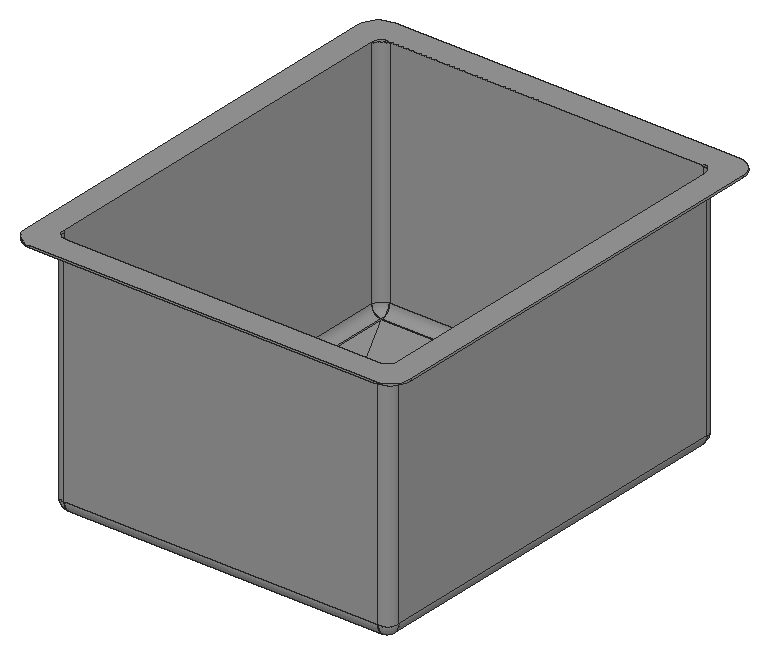
Revit family "BUILDMAT-SNGD020-Maya-380-Brass-Gold", category Plumbing Fixtures, host Face, Revit 2020
Family settings
  Host = Face
  Round Connector Dimension = Use Diameter
  Part Type = Normal
  Cut with Voids When Loaded = No
  Shared = No
  Room Calculation Point = No
Parameters (values of type "Maya 380x450x250mm")
  Width = 330.0 mm
  Undermount [instance] = 0.0 mm
  URL = "https://www.buildmat.com.au/products/maya-380x450-single-bowl-sink"
  Side Sound Pad = no
  Side Brackets = yes
  Model = "SNA00020"  # constant formula
  Middle Sound Pad = yes
  Middle Bracket = no
  Manufacturer URL = "https://www.buildmat.com.au/"
  Manufacturer = "BUILDMAT"  # constant formula
  Length = 400.0 mm
  Description = "BUILDMAT - Maya 380x450 Single Bowl Sink"  # constant formula
  Depth = 250.0 mm
  Default Elevation = 1219.2 mm
  Created By URL = "https://www.buildmat.com.au/"
  Created By = "BUILDMAT"  # constant formula
  Created = "22.06.2022"  # constant formula
  Material = BUILDMAT Brass Gold
Reference planes
  plane 1 "Center (Front/Back)": y = 0
  plane 2: z = 0
  plane 3 "Center (Left/Right)": x = 0
  plane 4 "Top Substrate": z = 0
  plane 5 "Left": x = -165
  plane 6 "Right": x = 165
  plane 7 "Back": y = 200
  plane 8 "Front": y = -200
  plane 9: x = -190
  plane 10: x = 190
  plane 11: y = -225
  plane 12: y = 225
  plane 13 "Bottom Void": z = -250
  plane 14: z = 1.5
  plane 15: x = -166.5
  plane 16: y = -201.5
  plane 17: x = 166.5
  plane 18: y = 201.5
  plane 19: z = -240
  plane 20: z = -230
  plane 21: x = -155
  plane 22: x = 155
  plane 23: y = -190
  plane 24: y = 190
  plane 25: z = -245
  plane 26: z = -241.5
  plane 27: z = -246.5
  plane 28: x = -100
  plane 29: x = 100
  plane 30 "Sound Pad": z = -130
  plane 31 "Front Bracket": y = -100
  plane 32 "Back Bracket": y = 100
  plane 33: x = -65
  plane 34: x = 65
  plane 35: x = -57
  plane 36: x = 57
  plane 37: x = -45
  plane 38: x = 45
Forms (mm)
  Extrusion 1, void
    sketch origin (0, 0, 0) x (1, 0, 0) y (0, 1, 0)
      loop
        arc (-155, 200) -> (-162.071, 197.071) -> (-165, 190) r 10
        line (-165, 190) -> (-165, -190)
        arc (-165, -190) -> (-162.071, -197.071) -> (-155, -200) r 10
        line (-155, -200) -> (155, -200)
        arc (155, -200) -> (162.071, -197.071) -> (165, -190) r 10
        line (165, -190) -> (165, 190)
        arc (165, 190) -> (162.071, 197.071) -> (155, 200) r 10
        line (155, 200) -> (-155, 200)
    from 0 to 1.5
  Extrusion 2, void
    sketch origin (0, 0, 0) x (1, 0, 0) y (0, 1, 0)
      loop
        line (-166.5, 201.5) -> (-166.5, -201.5) -> (166.5, -201.5) -> (166.5, 201.5) -> (-166.5, 201.5)
    from 0 to -250
  Extrusion 3, void
    sketch origin (0, 0, 0) x (1, 0, 0) y (0, 1, 0)
      loop
        arc (-170, 225) -> (-184.142, 219.142) -> (-190, 205) r 20
        line (-190, 205) -> (-190, -205)
        arc (-190, -205) -> (-184.142, -219.142) -> (-170, -225) r 20
        line (-170, -225) -> (170, -225)
        arc (170, -225) -> (184.142, -219.142) -> (190, -205) r 20
        line (190, -205) -> (190, 205)
        arc (190, 205) -> (184.142, 219.142) -> (170, 225) r 20
        line (170, 225) -> (-170, 225)
    from 1.5 to 0
  Extrusion 4, solid, material "BUILDMAT Brass Gold" <- "Material"
    sketch origin (0, 0, 0) x (-1, 0, 0) y (0, -1, 0)
      loop
        arc (170, -225) -> (184.142, -219.142) -> (190, -205) r 20
        line (190, -205) -> (190, 205)
        arc (190, 205) -> (184.142, 219.142) -> (170, 225) r 20
        line (170, 225) -> (-170, 225)
        arc (-170, 225) -> (-184.142, 219.142) -> (-190, 205) r 20
        line (-190, 205) -> (-190, -205)
        arc (-190, -205) -> (-184.142, -219.142) -> (-170, -225) r 20
        line (-170, -225) -> (170, -225)
      loop
        arc (155, -200) -> (162.071, -197.071) -> (165, -190) r 10
        line (165, -190) -> (165, 190)
        arc (165, 190) -> (162.071, 197.071) -> (155, 200) r 10
        line (155, 200) -> (-155, 200)
        arc (-155, 200) -> (-162.071, 197.071) -> (-165, 190) r 10
        line (-165, 190) -> (-165, -190)
        arc (-165, -190) -> (-162.071, -197.071) -> (-155, -200) r 10
        line (-155, -200) -> (155, -200)
    from 0 to 1.5
  Extrusion 5, solid, material "BUILDMAT Brass Gold" <- "Material"
    sketch origin (0, 0, 0) x (-1, 0, 0) y (0, -1, 0)
      loop
        arc (155, -201.5) -> (163.132, -198.132) -> (166.5, -190) r 11.5
        line (166.5, -190) -> (166.5, 190)
        arc (166.5, 190) -> (163.132, 198.132) -> (155, 201.5) r 11.5
        line (155, 201.5) -> (-155, 201.5)
        arc (-155, 201.5) -> (-163.132, 198.132) -> (-166.5, 190) r 11.5
        line (-166.5, 190) -> (-166.5, -190)
        arc (-166.5, -190) -> (-163.132, -198.132) -> (-155, -201.5) r 11.5
        line (-155, -201.5) -> (155, -201.5)
      loop
        arc (-155, 200) -> (-162.071, 197.071) -> (-165, 190) r 10
        line (-165, 190) -> (-165, -190)
        arc (-165, -190) -> (-162.071, -197.071) -> (-155, -200) r 10
        line (-155, -200) -> (155, -200)
        arc (155, -200) -> (162.071, -197.071) -> (165, -190) r 10
        line (165, -190) -> (165, 190)
        arc (165, 190) -> (162.071, 197.071) -> (155, 200) r 10
        line (155, 200) -> (-155, 200)
    from 0 to -230
  Revolve 6, solid, material "BUILDMAT Brass Gold" <- "Material"
    sketch origin (-175.162, 190, 1219.2) x (-1, 0, 0) y (0, 0, 1)
      loop
        line (-340.162, -1449.2) -> (-341.662, -1449.2)
        arc (-341.662, -1449.2) -> (-338.293, -1457.332) -> (-330.162, -1460.7) r 11.5
        line (-330.162, -1460.7) -> (-330.162, -1459.2)
        arc (-330.162, -1459.2) -> (-337.233, -1456.271) -> (-340.162, -1449.2) r 10
      axis (-330.162, -1460.7) -> (-330.162, -1449.2)
    angle from 0 to -90
  Revolve 7, solid, material "BUILDMAT Brass Gold" <- "Material"
    sketch origin (-175.162, 190, 1219.2) x (-1, 0, 0) y (0, 0, 1)
      loop
        arc (-10.162, -1449.2) -> (-13.091, -1456.271) -> (-20.162, -1459.2) r 10
        line (-20.162, -1459.2) -> (-20.162, -1460.7)
        arc (-20.162, -1460.7) -> (-12.03, -1457.332) -> (-8.662, -1449.2) r 11.5
        line (-8.662, -1449.2) -> (-10.162, -1449.2)
      axis (-20.162, -1449.2) -> (-20.162, -1460.7)
    angle from 0 to -90
  Revolve 8, solid, material "BUILDMAT Brass Gold" <- "Material"
    sketch origin (-175.162, -190, 1219.2) x (-1, 0, 0) y (0, 0, 1)
      loop
        arc (-10.162, -1449.2) -> (-13.091, -1456.271) -> (-20.162, -1459.2) r 10
        line (-20.162, -1459.2) -> (-20.162, -1460.7)
        arc (-20.162, -1460.7) -> (-12.03, -1457.332) -> (-8.662, -1449.2) r 11.5
        line (-8.662, -1449.2) -> (-10.162, -1449.2)
      axis (-20.162, -1449.2) -> (-20.162, -1460.7)
    angle from 0 to 90
  Revolve 9, solid, material "BUILDMAT Brass Gold" <- "Material"
    sketch origin (-175.162, -190, 1219.2) x (-1, 0, 0) y (0, 0, 1)
      loop
        line (-340.162, -1449.2) -> (-341.662, -1449.2)
        arc (-341.662, -1449.2) -> (-338.293, -1457.332) -> (-330.162, -1460.7) r 11.5
        line (-330.162, -1460.7) -> (-330.162, -1459.2)
        arc (-330.162, -1459.2) -> (-337.233, -1456.271) -> (-340.162, -1449.2) r 10
      axis (-330.162, -1449.2) -> (-330.162, -1460.7)
    angle from 0 to 90
  Extrusion 10, solid, material "BUILDMAT Brass Gold" <- "Material"
    sketch origin (0, 0, 0) x (1, 0, 0) y (0, 0, 1)
      loop
        line (-165, -230) -> (-166.5, -230)
        arc (-166.5, -230) -> (-163.132, -238.132) -> (-155, -241.5) r 11.5
        line (-155, -241.5) -> (-155, -240)
        arc (-155, -240) -> (-162.071, -237.071) -> (-165, -230) r 10
    from -190 to 190
  Extrusion 11, solid, material "BUILDMAT Brass Gold" <- "Material"
    sketch origin (0, 0, 0) x (1, 0, 0) y (0, 0, 1)
      loop
        arc (165, -230) -> (162.071, -237.071) -> (155, -240) r 10
        line (155, -240) -> (155, -241.5)
        arc (155, -241.5) -> (163.132, -238.132) -> (166.5, -230) r 11.5
        line (166.5, -230) -> (165, -230)
    from -190 to 190
  Extrusion 12, solid, material "BUILDMAT Brass Gold" <- "Material"
    sketch origin (0, 0, 0) x (0, 1, 0) y (0, 0, 1)
      loop
        arc (200, -230) -> (197.071, -237.071) -> (190, -240) r 10
        line (190, -240) -> (190, -241.5)
        arc (190, -241.5) -> (198.132, -238.132) -> (201.5, -230) r 11.5
        line (201.5, -230) -> (200, -230)
    from -155 to 155
  Extrusion 13, solid, material "BUILDMAT Brass Gold" <- "Material"
    sketch origin (0, 0, 0) x (0, 1, 0) y (0, 0, 1)
      loop
        line (-200, -230) -> (-201.5, -230)
        arc (-201.5, -230) -> (-198.132, -238.132) -> (-190, -241.5) r 11.5
        line (-190, -241.5) -> (-190, -240)
        arc (-190, -240) -> (-197.071, -237.071) -> (-200, -230) r 10
    from -155 to 155
  Revolve 14, solid, material "BUILDMAT Brass Gold" <- "Material"
    sketch origin (0, 0, 0) x (1, 0, 0) y (0, 0, 1)
      loop
        line (-45, -250) -> (-45, -248.5)
        spline (-45, -248.5) -> (-46.484, -248.459) -> (-47.939, -248.339) -> (-49.337, -248.141) -> (-50.649, -247.871) -> (-51.848, -247.537) -> (-52.908, -247.151) -> (-53.805, -246.726) -> (-54.514, -246.283) -> (-55.023, -245.856) -> (-55.329, -245.483) -> (-55.468, -245.202) -> (-55.5, -245)
        line (-55.5, -245) -> (-57, -245)
        spline (-57, -245) -> (-56.897, -245.653) -> (-56.591, -246.294) -> (-56.087, -246.913) -> (-55.392, -247.5) -> (-54.52, -248.044) -> (-53.485, -248.536) -> (-52.305, -248.967) -> (-51, -249.33) -> (-49.592, -249.619) -> (-48.106, -249.83) -> (-46.566, -249.957) -> (-45, -250)
      axis (0, -245) -> (0, -250)
    angle from 0 to 360
  Blend 15, solid, material "BUILDMAT Brass Gold" <- "Material"
    base sketch origin (0, 0, 0) x (-1, 0, 0) y (0, -1, 0)
      loop
        circle (0, 0) r 57
    top sketch origin (0, 0, 0) x (-1, 0, 0) y (0, -1, 0)
      loop
        line (155, -190) -> (155, 190) -> (-155, 190) -> (-155, -190) -> (155, -190)
    from -246.5 to -241.5
  Blend 16, void
    base sketch origin (0, 0, 0) x (-1, 0, 0) y (0, -1, 0)
      loop
        circle (0, 0) r 57
    top sketch origin (0, 0, 0) x (-1, 0, 0) y (0, -1, 0)
      loop
        line (155, -190) -> (155, 190) -> (-155, 190) -> (-155, -190) -> (155, -190)
    from -245 to -240
  Extrusion 17, solid, material "BUILDMAT Brass Gold" <- "Material"
    sketch origin (0, 0, 0) x (-1, 0, 0) y (0, -1, 0)
      loop
        line (155, -190) -> (155, 190) -> (-155, 190) -> (-155, -190) -> (155, -190)
    from -241.5 to -240
  Extrusion 18, void
    sketch origin (0, 0, 0) x (-1, 0, 0) y (0, -1, 0)
      loop
        circle (0, 0) r 57
    from -250 to -230
Cuts and joins
  joined: Extrusion 4, Extrusion 5
  joined: Revolve 6, Revolve 9
  joined: Revolve 7, Revolve 8
  Blend 16, Extrusion 18 cuts Blend 15
  Blend 16, Extrusion 18 cuts Extrusion 17
  joined: Blend 15, Extrusion 17
Lines and regions (mm)
  Masking region 1
    outline origin (0, 0, 0) x (1, 0, 0) y (0, 0, 1)
      loop
        line (165, 0) -> (-165, 0) -> (-165, -230)
        arc (-165, -230) -> (-162.071, -237.071) -> (-155, -240) r 10
        line (-155, -240) -> (-57, -245) -> (57, -245) -> (155, -240)
        arc (155, -240) -> (162.071, -237.071) -> (165, -230) r 10
        line (165, -230) -> (165, 0)
  Masking region 2
    outline origin (0, 0, 0) x (1, 0, 0) y (0, 0, 1)
      loop
        line (-100, -244.306) -> (-100, -250) -> (-57, -250) -> (-57, -246.5) -> (-100, -244.306)
  Masking region 3
    outline origin (0, 0, 0) x (1, 0, 0) y (0, 0, 1)
      loop
        line (57, -246.5) -> (57, -250) -> (100, -250) -> (100, -244.306) -> (57, -246.5)
Text (mm)
  text "Refer to www.buildmat.com.au for the most current product literature. \nAllow a +/- 5mm tolerance for dimensions shown in the product literature. \nPlease note product details are subject to change due to ongoing product development." at (0.056, -1035.857, 0), in view "Ref. Level"
Dimensions and locks
  "Undermount": plane 2 to plane 4 "Top Substrate"
  equal spacing: plane 5 "Left", plane 3 "Center (Left/Right)", plane 6 "Right"
  "Width": plane 5 "Left" to plane 6 "Right"
  "Length": plane 7 "Back" to plane 8 "Front"
  equal spacing: plane 7 "Back", plane 1 "Center (Front/Back)", plane 8 "Front"
  locked: plane 12 to plane 7 "Back" at 25
  locked: plane 8 "Front" to plane 11 at 25
  locked: plane 9 to plane 5 "Left" at 25
  locked: plane 6 "Right" to plane 10 at 25
  "Depth": plane 4 "Top Substrate" to plane 13 "Bottom Void"
  locked: plane 14 to plane 4 "Top Substrate" at 1.5
  locked: plane 18 to plane 7 "Back" at 1.5
  locked: plane 8 "Front" to plane 16 at 1.5
  plane 15 to plane 5 "Left" = 1.5 mm
  plane 6 "Right" to plane 17 = 1.5 mm
  plane 20 to plane 19 to plane 13 "Bottom Void" = 10.0 mm, 10.0 mm
  locked: plane 5 "Left" to plane 21 at 10
  locked: plane 22 to plane 6 "Right" at 10
  locked: plane 7 "Back" to plane 24 at 10
  locked: plane 23 to plane 8 "Front" at 10
  locked: plane 19 to plane 26 at 1.5
  locked: plane 25 to plane 13 "Bottom Void" at 5
  locked: plane 25 to plane 27 at 1.5
  plane 29 to plane 3 "Center (Left/Right)" to plane 28 = 100.0 mm locked, 100.0 mm locked
  locked: plane 30 "Sound Pad" to plane 13 "Bottom Void" at 120
  locked: plane 7 "Back" to plane 32 "Back Bracket" at 100
  locked: plane 31 "Front Bracket" to plane 8 "Front" at 100
  locked: plane 33 to plane 5 "Left" at 100
  locked: plane 6 "Right" to plane 34 at 100
  equal spacing: plane 3 "Center (Left/Right)", nested 15, plane 33
  equal spacing: plane 34, nested 16, plane 3 "Center (Left/Right)"
  plane 37 to plane 3 "Center (Left/Right)" to plane 38 = 45.0 mm locked, 45.0 mm locked
  plane 35 to plane 3 "Center (Left/Right)" to plane 36 = 57.0 mm locked, 57.0 mm locked
  aligned and locked: plane 2 to host face
  aligned and locked: level to host face
  aligned and locked: plane 8 "Front" to Extrusion 1 sketch curve
  aligned and locked: Extrusion 1 sketch curve to plane 7 "Back"
  aligned and locked: plane 5 "Left" to Extrusion 1 sketch curve
  aligned and locked: Extrusion 1 sketch curve to plane 6 "Right"
  aligned and locked: plane 2 to Extrusion 1
  aligned and locked: Extrusion 1 to plane 14
  aligned and locked: Extrusion 2 sketch curve to plane 16
  aligned and locked: Extrusion 2 sketch curve to plane 18
  aligned and locked: plane 15 to Extrusion 2 sketch curve
  aligned and locked: plane 17 to Extrusion 2 sketch curve
  aligned and locked: Extrusion 2 to plane 13 "Bottom Void"
  aligned and locked: plane 4 "Top Substrate" to Extrusion 2
  aligned and locked: plane 11 to Extrusion 3 sketch curve
  aligned and locked: plane 9 to Extrusion 3 sketch curve
  aligned and locked: Extrusion 3 sketch curve to plane 10
  aligned and locked: Extrusion 3 sketch curve to plane 12
  aligned and locked: Extrusion 3 to plane 4 "Top Substrate"
  aligned and locked: plane 14 to Extrusion 3
  aligned and locked: plane 11 to Extrusion 4 sketch curve
  aligned and locked: Extrusion 4 sketch curve to plane 12
  aligned and locked: plane 9 to Extrusion 4 sketch curve
  aligned and locked: Extrusion 4 sketch curve to plane 10
  aligned and locked: plane 5 "Left" to Extrusion 4 sketch curve
  aligned and locked: Extrusion 4 sketch curve to plane 6 "Right"
  aligned and locked: Extrusion 4 sketch curve to plane 7 "Back"
  aligned and locked: plane 8 "Front" to Extrusion 4 sketch curve
  aligned and locked: Extrusion 5 sketch curve to plane 7 "Back"
  aligned and locked: plane 5 "Left" to Extrusion 5 sketch curve
  aligned and locked: Extrusion 5 sketch curve to plane 6 "Right"
  aligned and locked: plane 8 "Front" to Extrusion 5 sketch curve
  aligned and locked: plane 15 to Extrusion 5 sketch curve
  aligned and locked: Extrusion 5 sketch curve to plane 16
  aligned and locked: plane 17 to Extrusion 5 sketch curve
  aligned and locked: Extrusion 5 sketch curve to plane 18
  aligned and locked: Extrusion 5 to plane 20
  aligned and locked: plane 4 "Top Substrate" to Extrusion 5
  aligned and locked: Extrusion 11 to plane 23
  aligned and locked: plane 24 to Extrusion 11
  aligned and locked: plane 24 to Extrusion 10
  aligned and locked: Extrusion 10 to plane 23
  aligned and locked: Extrusion 13 to plane 21
  aligned and locked: plane 22 to Extrusion 13
  aligned and locked: plane 22 to Extrusion 12
  aligned and locked: Extrusion 12 to plane 21
  aligned and locked: plane 21 to Blend 15 sketch curve
  aligned and locked: Blend 15 sketch curve to plane 22
  aligned and locked: plane 23 to Blend 15 sketch curve
  aligned and locked: Blend 15 sketch curve to plane 24
  aligned and locked: plane 27 to Blend 15
  aligned and locked: Blend 15 to plane 26
  aligned and locked: Blend 16 sketch curve to plane 24
  aligned and locked: plane 21 to Blend 16 sketch curve
  aligned and locked: Blend 16 sketch curve to plane 22
  aligned and locked: plane 23 to Blend 16 sketch curve
  aligned and locked: Blend 16 to plane 25
  aligned and locked: plane 19 to Blend 16
  aligned and locked: Extrusion 17 sketch curve to plane 24
  aligned and locked: plane 23 to Extrusion 17 sketch curve
  aligned and locked: plane 21 to Extrusion 17 sketch curve
  aligned and locked: Extrusion 17 sketch curve to plane 22
  aligned and locked: Extrusion 17 to plane 26
  aligned and locked: plane 19 to Extrusion 17
  aligned and locked: Extrusion 18 to plane 13 "Bottom Void"
  aligned and locked: plane 20 to Extrusion 18
  aligned and locked: cut or joined group of Blend 15, Blend 16, Extrusion 17, Extrusion 18 to Masking region 2 sketch curve
  aligned and locked: Masking region 3 sketch curve to cut or joined group of Blend 15, Blend 16, Extrusion 17, Extrusion 18
  aligned and locked: plane 3 "Center (Left/Right)" to nested 1
  aligned and locked: nested 1 to plane 4 "Top Substrate"
  aligned and locked: plane 3 "Center (Left/Right)" to nested 2
  aligned and locked: nested 2 to plane 30 "Sound Pad"
  aligned and locked: nested 3 to plane 18
  aligned and locked: plane 3 "Center (Left/Right)" to nested 3
  aligned and locked: plane 16 to nested 4
  aligned and locked: nested 4 to plane 3 "Center (Left/Right)"
  aligned and locked: plane 31 "Front Bracket" to nested 6
  aligned and locked: plane 15 to nested 6
  aligned and locked: nested 8 to plane 31 "Front Bracket"
  aligned and locked: plane 17 to nested 8
  aligned and locked: nested 7 to plane 32 "Back Bracket"
  aligned and locked: plane 17 to nested 7
  aligned and locked: plane 32 "Back Bracket" to nested 5
  aligned and locked: plane 15 to nested 5
  aligned and locked: nested 9 to plane 4 "Top Substrate"
  aligned and locked: nested 9 to plane 33
  aligned and locked: nested 10 to plane 4 "Top Substrate"
  aligned and locked: nested 10 to plane 34
  aligned and locked: nested 13 to plane 33
  aligned and locked: nested 14 to plane 34
  aligned and locked: plane 16 to nested 13
  aligned and locked: plane 16 to nested 14
  aligned and locked: plane 33 to nested 11
  aligned and locked: nested 11 to plane 18
  aligned and locked: plane 34 to nested 12
  aligned and locked: nested 12 to plane 18
  aligned and locked: nested 15 to plane 30 "Sound Pad"
  aligned and locked: nested 16 to plane 30 "Sound Pad"
  aligned and locked: plane 23 to nested 17
  aligned and locked: plane 24 to nested 17
  aligned and locked: plane 22 to nested 17
  aligned and locked: plane 21 to nested 17
  aligned and locked: plane 3 "Center (Left/Right)" to nested 18
  aligned and locked: plane 1 "Center (Front/Back)" to nested 18
  aligned and locked: plane 4 "Top Substrate" to Masking region 1
Automatic sketch dimensions
  host sketch curve to host sketch curve = 2438.4 mm  (x2)
  plane 5 "Left" to Extrusion 1 sketch curve = 10.0 mm  (x2)
  Extrusion 1 sketch curve to plane 6 "Right" = 10.0 mm  (x2)
  Extrusion 4 sketch curve to plane 10 = 20.0 mm  (x2)
  Extrusion 4 sketch curve to Extrusion 4 sketch curve = 10.0 mm  (x2)
  plane 5 "Left" to Extrusion 4 sketch curve = 10.0 mm
  plane 9 to Extrusion 4 sketch curve = 20.0 mm
  plane 8 "Front" to Extrusion 4 sketch curve = 10.0 mm
  plane 11 to Extrusion 4 sketch curve = 20.0 mm
  Extrusion 3 sketch curve to plane 5 "Left" = 5.0 mm
  plane 6 "Right" to Extrusion 3 sketch curve = 5.0 mm  (x2)
  plane 7 "Back" to Extrusion 3 sketch curve = 5.0 mm
  plane 5 "Left" to Extrusion 5 sketch curve = 10.0 mm
  Extrusion 5 sketch curve to plane 6 "Right" = 10.0 mm
  plane 8 "Front" to Extrusion 5 sketch curve = 10.0 mm
  Extrusion 5 sketch curve to plane 7 "Back" = 10.0 mm
  Extrusion 5 sketch curve to Extrusion 5 sketch curve = 0.0 mm  (x4)
  Revolve 6 sketch curve to Revolve 6 sketch curve = 0.0 mm  (x3)
  plane 17 to Revolve 6 sketch curve = 0.0 mm
  Revolve 6 sketch curve to plane 6 "Right" = 0.0 mm
  Revolve 6 sketch curve to plane 22 = 0.0 mm  (x2)
  Revolve 6 sketch curve to plane 19 = 0.0 mm
  Revolve 6 sketch curve to plane 20 = 0.0 mm
  Revolve 7 sketch curve to Revolve 7 sketch curve = 0.0 mm  (x3)
  Revolve 7 sketch curve to plane 20 = 0.0 mm  (x2)
  Revolve 7 sketch curve to plane 21 = 0.0 mm  (x2)
  Revolve 7 sketch curve to plane 5 "Left" = 0.0 mm
  Revolve 7 sketch curve to plane 15 = 0.0 mm
  Revolve 8 sketch curve to Revolve 8 sketch curve = 0.0 mm  (x3)
  Revolve 8 sketch curve to plane 20 = 0.0 mm  (x2)
  Revolve 8 sketch curve to plane 21 = 0.0 mm  (x2)
  Revolve 8 sketch curve to plane 5 "Left" = 0.0 mm
  Revolve 8 sketch curve to plane 15 = 0.0 mm
  Revolve 9 sketch curve to Revolve 9 sketch curve = 0.0 mm  (x3)
  plane 17 to Revolve 9 sketch curve = 0.0 mm
  Revolve 9 sketch curve to plane 6 "Right" = 0.0 mm
  Revolve 9 sketch curve to plane 22 = 0.0 mm  (x2)
  Revolve 9 sketch curve to plane 20 = 0.0 mm
  Revolve 9 sketch curve to plane 19 = 0.0 mm
  Extrusion 10 sketch curve to plane 15 = 0.0 mm
  Extrusion 10 sketch curve to plane 5 "Left" = 0.0 mm
  Extrusion 10 sketch curve to plane 19 = 0.0 mm
  Extrusion 10 sketch curve to plane 21 = 0.0 mm
  Extrusion 11 sketch curve to plane 20 = 0.0 mm
  Extrusion 11 sketch curve to plane 22 = 0.0 mm
  Extrusion 11 sketch curve to plane 6 "Right" = 0.0 mm
  plane 17 to Extrusion 11 sketch curve = 0.0 mm
  Extrusion 12 sketch curve to plane 20 = 0.0 mm
  Extrusion 12 sketch curve to plane 24 = 0.0 mm
  Extrusion 12 sketch curve to plane 7 "Back" = 0.0 mm
  Extrusion 12 sketch curve to plane 18 = 0.0 mm
  Extrusion 13 sketch curve to plane 16 = 0.0 mm
  Extrusion 13 sketch curve to plane 8 "Front" = 0.0 mm
  Extrusion 13 sketch curve to plane 23 = 0.0 mm
  Extrusion 13 sketch curve to plane 19 = 0.0 mm
  Revolve 14 sketch curve to plane 25 = 0.0 mm
  Revolve 14 sketch curve to plane 13 "Bottom Void" = 0.0 mm  (x2)
  Revolve 14 sketch curve to plane 3 "Center (Left/Right)" = 0.0 mm
  Revolve 14 sketch curve to plane 20 = 0.0 mm
  Revolve 14 sketch curve to plane 3 "Center (Left/Right)" = 45.0 mm
  Revolve 14 sketch curve to Revolve 14 sketch curve = 10.5 mm
  Revolve 14 sketch curve to Revolve 14 sketch curve = 1.5 mm  (x2)
  Revolve 14 sketch curve to Revolve 14 sketch curve = 0.0 mm
  plane 1 "Center (Front/Back)" to Blend 15 sketch curve = 0.0 mm
  Blend 15 sketch curve to plane 3 "Center (Left/Right)" = 0.0 mm
  plane 1 "Center (Front/Back)" to Blend 16 sketch curve = 0.0 mm
  Blend 16 sketch curve to plane 3 "Center (Left/Right)" = 0.0 mm
  plane 1 "Center (Front/Back)" to Extrusion 18 sketch curve = 0.0 mm
  Extrusion 18 sketch curve to plane 3 "Center (Left/Right)" = 0.0 mm
  Masking region 1 sketch curve to level = 0.0 mm
  Masking region 1 sketch curve to plane 20 = 0.0 mm
  Masking region 1 sketch curve to plane 21 = 0.0 mm
  Masking region 1 sketch curve to plane 25 = 0.0 mm
  Masking region 1 sketch curve to plane 3 "Center (Left/Right)" = 57.0 mm
  plane 3 "Center (Left/Right)" to Masking region 1 sketch curve = 57.0 mm
  Masking region 1 sketch curve to plane 19 = 0.0 mm
  Masking region 1 sketch curve to plane 22 = 0.0 mm
  Masking region 1 sketch curve to plane 6 "Right" = 0.0 mm
  Masking region 1 sketch curve to plane 5 "Left" = 0.0 mm
  Masking region 2 sketch curve to plane 28 = 0.0 mm
  Masking region 2 sketch curve to plane 13 "Bottom Void" = 0.0 mm
  Masking region 2 sketch curve to plane 27 = 0.0 mm
  Masking region 3 sketch curve to plane 27 = 0.0 mm
  Masking region 3 sketch curve to plane 13 "Bottom Void" = 0.0 mm
  Masking region 3 sketch curve to plane 29 = 0.0 mm
  radius of Blend 15 sketch curve = 57.0 mm
  radius of Blend 16 sketch curve = 57.0 mm
  radius of Extrusion 18 sketch curve = 57.0 mm
Nested families
  nested 1: "TMB_Front" at (0, 0, 0) x (1, 0, 0) z (0, -1, 0), visible <- "Middle Bracket", type "TMB_Front"
  nested 2: "SP_Front" at (0, 0, -130) x (1, 0, 0) z (0, -1, 0), visible <- "Middle Sound Pad", type "SP_Front"
  nested 3: "TMB_Plan" at (0, 201.5, 0), visible <- "Middle Bracket", type "TMB_Plan"
  nested 4: "TMB_Plan" at (0, -201.5, 0) x (-1, 0, 0) z (0, 0, 1), visible <- "Middle Bracket", type "TMB_Plan"
  nested 5: "TMB_Plan" at (-166.5, 100, 0) x (0, 1, 0) z (0, 0, 1), type "TMB_Plan"
  nested 6: "TMB_Plan" at (-166.5, -100, 0) x (0, 1, 0) z (0, 0, 1), type "TMB_Plan"
  nested 7: "TMB_Plan" at (166.5, 100, 0) x (0, -1, 0) z (0, 0, 1), type "TMB_Plan"
  nested 8: "TMB_Plan" at (166.5, -100, 0) x (0, -1, 0) z (0, 0, 1), type "TMB_Plan"
  nested 9: "TMB_Front" at (-65, 0, 0) x (1, 0, 0) z (0, -1, 0), visible <- "Side Brackets", type "TMB_Front"
  nested 10: "TMB_Front" at (65, 0, 0) x (1, 0, 0) z (0, -1, 0), visible <- "Side Brackets", type "TMB_Front"
  nested 11: "TMB_Plan" at (-65, 201.5, 0), visible <- "Side Brackets", type "TMB_Plan"
  nested 12: "TMB_Plan" at (65, 201.5, 0), visible <- "Side Brackets", type "TMB_Plan"
  nested 13: "TMB_Plan" at (-65, -201.5, 0) x (-1, 0, 0) z (0, 0, 1), visible <- "Side Brackets", type "TMB_Plan"
  nested 14: "TMB_Plan" at (65, -201.5, 0) x (-1, 0, 0) z (0, 0, 1), visible <- "Side Brackets", type "TMB_Plan"
  nested 15: "SP_Front" at (-32.5, 0, -130) x (1, 0, 0) z (0, -1, 0), visible <- "Side Sound Pad", type "SP_Front"
  nested 16: "SP_Front" at (32.5, 0, -130) x (1, 0, 0) z (0, -1, 0), visible <- "Side Sound Pad", type "SP_Front"
  nested 17: "BOWL Plan" at (0, 0, -130), type "BOWL Plan"
    with Width 310.0 mm, Lenght 380.0 mm
  nested 18: "DRAIN" at (0, 0, 0), type "DRAIN"
Definition of nested family "TMB_Front"
  Reference planes
    plane 1 "Center (Elevation)": y = 0
    plane 2: z = 0
    plane 3 "Center (Left/Right)": x = 0
  Lines and regions (mm)
    Masking region 1, in view "Ref. Level"
      outline origin (0, 0, 0) x (1, 0, 0) y (0, 1, 0)
        loop
          line (-17.5, 0) -> (-17.5, -80) -> (17.5, -80) -> (17.5, 0) -> (-17.5, 0)
    detail lines, in view "Ref. Level"
      curve 1: line (-17.5, 0, 0) -> (-17.5, -80, 0)
      curve 2: line (-17.5, -80, 0) -> (17.5, -80, 0)
      curve 3: line (17.5, -80, 0) -> (17.5, 0, 0)
      curve 4: line (-12.5, -50, 0) -> (12.5, -50, 0)
      curve 5: line (-12.5, -75, 0) -> (-12.5, -50, 0)
      curve 6: line (12.5, -75, 0) -> (-12.5, -75, 0)
      curve 7: line (12.5, -50, 0) -> (12.5, -75, 0)
Definition of nested family "SP_Front"
  Reference planes
    plane 1 "Center (Elevation)": y = 0
    plane 2: z = 0
    plane 3 "Center (Left/Right)": x = 0
  Lines and regions (mm)
    Masking region 1, in view "Ref. Level"
      outline origin (0, 0, 0) x (1, 0, 0) y (0, 1, 0)
        loop
          arc (-50, 40) -> (-57.071, 37.071) -> (-60, 30) r 10
          line (-60, 30) -> (-60, -30)
          arc (-60, -30) -> (-57.071, -37.071) -> (-50, -40) r 10
          line (-50, -40) -> (50, -40)
          arc (50, -40) -> (57.071, -37.071) -> (60, -30) r 10
          line (60, -30) -> (60, 30)
          arc (60, 30) -> (57.071, 37.071) -> (50, 40) r 10
          line (50, 40) -> (-50, 40)
    detail lines, in view "Ref. Level"
      curve 1: line (-50, 40, 0) -> (50, 40, 0)
      curve 2: line (50, -40, 0) -> (-50, -40, 0)
      curve 3: line (60, 30, 0) -> (60, -30, 0)
      curve 4: line (-60, 30, 0) -> (-60, -30, 0)
      curve 5: arc (-50, 40, 0) -> (-57.071, 37.071, 0) -> (-60, 30, 0) r 10
      curve 6: arc (-60, -30, 0) -> (-57.071, -37.071, 0) -> (-50, -40, 0) r 10
      curve 7: arc (50, -40, 0) -> (57.071, -37.071, 0) -> (60, -30, 0) r 10
      curve 8: arc (60, 30, 0) -> (57.071, 37.071, 0) -> (50, 40, 0) r 10
  Dimensions and locks
    aligned and locked: Masking region 1 sketch curve to curve 1
    aligned and locked: Masking region 1 sketch curve to curve 4
    aligned and locked: Masking region 1 sketch curve to curve 2
    aligned and locked: Masking region 1 sketch curve to curve 3
Definition of nested family "TMB_Plan"
  Reference planes
    plane 1 "Center (Front/Back)": y = 0
    plane 2: z = 0
    plane 3 "Center (Left/Right)": x = 0
  Lines and regions (mm)
    detail lines, in view "Ref. Level"
      curve 1: line (-17.5, 0, 0) -> (17.5, 0, 0)
      curve 2: line (17.5, 0, 0) -> (17.5, 5, 0)
      curve 3: line (17.5, 5, 0) -> (12.5, 5, 0)
      curve 4: line (-17.5, 0, 0) -> (-17.5, 5, 0)
      curve 5: line (-17.5, 5, 0) -> (-12.5, 5, 0)
Definition of nested family "BOWL Plan"
  Parameters (values of type "BOWL Plan")
    Width [instance] = 600.0 mm
    Lenght [instance] = 400.0 mm
  Reference planes
    plane 1 "Center (Front/Back)": y = 0
    plane 2: z = 0
    plane 3 "Center (Left/Right)": x = 0
    plane 4 "Left": x = -300
    plane 5 "Right": x = 300
    plane 6 "Back": y = 200
    plane 7 "Front": y = -200
  Lines and regions (mm)
    Masking region 1, in view "Ref. Level"
      outline origin (0, 0, 0) x (1, 0, 0) y (0, 1, 0)
        loop
          line (-300, 200) -> (-300, -200) -> (300, -200) -> (300, 200) -> (-300, 200)
    detail lines, in view "Ref. Level"
      curve 1: line (-300, 200, 0) -> (300, -200, 0)
      curve 2: line (-300, -200, 0) -> (300, 200, 0)
  Dimensions and locks
    equal spacing: plane 6 "Back", plane 1 "Center (Front/Back)", plane 7 "Front"
    "Lenght": plane 6 "Back" to plane 7 "Front"
    equal spacing: plane 4 "Left", plane 3 "Center (Left/Right)", plane 5 "Right"
    "Width": plane 4 "Left" to plane 5 "Right"
    aligned and locked: plane 4 "Left" to Masking region 1 sketch curve
    aligned and locked: Masking region 1 sketch curve to plane 5 "Right"
    aligned and locked: plane 7 "Front" to Masking region 1 sketch curve
    aligned and locked: Masking region 1 sketch curve to plane 6 "Back"
  Automatic sketch dimensions
    curve 2 to plane 4 "Left" = 0.0 mm
    curve 1 to plane 4 "Left" = 0.0 mm
    curve 2 to plane 5 "Right" = 0.0 mm
    curve 1 to plane 5 "Right" = 0.0 mm
    curve 1 to plane 7 "Front" = 0.0 mm
    curve 2 to plane 7 "Front" = 0.0 mm
    curve 2 to plane 6 "Back" = 0.0 mm
    curve 1 to plane 6 "Back" = 0.0 mm
Definition of nested family "DRAIN"
  Reference planes
    plane 1 "Center (Front/Back)": y = 0
    plane 2: z = 0
    plane 3 "Center (Left/Right)": x = 0
  Lines and regions (mm)
    Masking region 1, in view "Ref. Level"
      outline origin (0, 0, 0) x (1, 0, 0) y (0, 1, 0)
        loop
          circle (0, 0) r 57
    detail lines, in view "Ref. Level"
      curve 1: circle (0, 0, 0) r 45 normal (0, 0, 1)
      curve 2: circle (0, 0, 0) r 55.5 normal (0, 0, 1)
